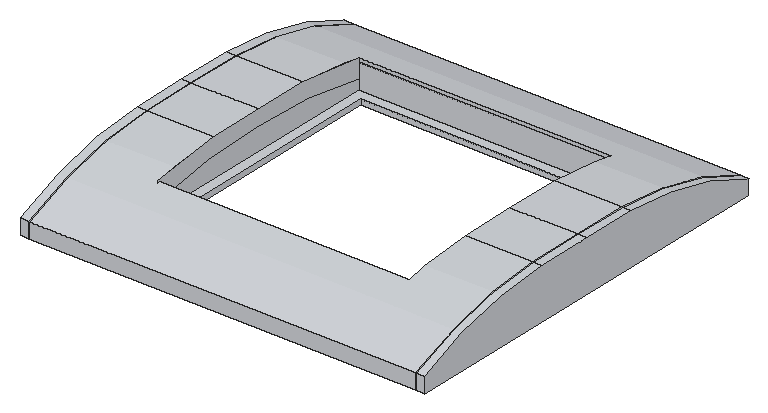
Revit family "Gira_021188", category Electrical Fixtures, host Face, Revit 2017
Family settings
  Host = Face
  Maintain Annotation Orientation = No
  Round Connector Dimension = Use Diameter
  Part Type = Normal
  Cut with Voids When Loaded = No
  Shared = No
  Room Calculation Point = No
Parameters (values of type "Cov.fr. 1-g interm.fr. AN Gira Event Opaque red")
  With mounting grid = "No"
  With hinged lid = "No"
  URL = "http://katalog.gira.de/en/datenblatt.html?artikelnr=021188"
  Type of fastening = "Clamp mounting"
  Transparent = "No"
  Surface protection = "Other"
  Suitable for wall duct = "No"
  Suitable for flush-mounted installation = "Yes"
  Suitable for floor box = "No"
  Suitable for built-in installation = "No"
  Number of units vertical = "1"
  Number of units horizontal = "1"
  Number of units = "1"
  Name = "Cov.fr. 1-g interm.fr. AN Gira Event Opaque red"
  Mounting direction = "Horizontal and vertical"
  Material quality = "Thermoplastic"
  Material = "Plastic"
  Manufacturer URL = "https://www.gira.de/"
  Manufacturer = "Gira"
  Label space/information surface = "No"
  Keynote = ""
  HeinzeBIM = "https://bimportal.heinze.de/bim/cov-fr-1-g-interm-fr-an-gira-event-opaque-red/d5de6089a73c0874b94f40b028d5c2ad98e993d4"
  Halogen free = "Yes"
  HAN = "021188"
  GTIN = "4010337211884"
  Description = "Cov.fr.1g i.fr.AN EvCl RD,Gira Event Opaque frames,red with anthracite intermediate frame,1-gang,Features:,- Shatter-proof."
  Degree of protection (IP) = "IP20"
  Default Elevation = 1219.2 mm
  Data sheet (1) = "https://katalog.gira.de/en/download.html?artikelnr=021188"
  Colour = "Red"
  Category = "Cover frame for domestic switching devices"
  BIM (1) = "https://media.stage.bim.site/public/gira/36a6b08/Event_Rahmen_1fach.rfa"
  Available = "No"
Reference planes
  plane 1 "Center (Front/Back)": y = 0
  plane 2: z = 0
  plane 3 "Center (Left/Right)": x = 0
Forms (mm)
  Extrusion 1, solid, detail levels fine
    sketch origin (0, 0, 1.55) x (0, 1, 0) y (0, 0, 1)
      loop
        arc (12.445, 9.683) -> (6.223, 9.833) -> (0, 9.85) r 291.636
        arc (0, 9.85) -> (-6.223, 9.833) -> (-12.445, 9.683) r 291.636
        arc (-12.445, 9.683) -> (-29.14, 7.482) -> (-45, 1.823) r 79.728
        line (-45, 1.823) -> (-45, -1.55) -> (-41.777, -1.55) -> (-41.777, -0.55)
        arc (-41.777, -0.55) -> (-21.205, 4.846) -> (0, 6.467) r 118.15
        arc (0, 6.467) -> (21.205, 4.846) -> (41.777, -0.55) r 118.15
        line (41.777, -0.55) -> (41.777, -1.55) -> (45, -1.55) -> (45, 1.823)
        arc (45, 1.823) -> (29.14, 7.482) -> (12.445, 9.683) r 79.728
    from -43 to 43
  Extrusion 2, void, detail levels fine
    sketch origin (0, 0, 0) x (1, 0, 0) y (0, 1, 0)
      loop
        line (-28, -28) -> (28, -28) -> (28, 28) -> (-28, 28) -> (-28, -28)
    from 2.85 to 12
  Extrusion 3, solid, detail levels coarse
    sketch origin (0, 0, 0) x (1, 0, 0) y (0, 1, 0)
      loop
        line (-45, 45) -> (-45, -45) -> (45, -45) -> (45, 45) -> (-45, 45)
    from 0 to 11.4
  Extrusion 4, solid, detail levels medium
    sketch origin (0, 0, 1.55) x (0, 1, 0) y (0, 0, 1)
      loop
        arc (12.445, 9.683) -> (6.223, 9.833) -> (0, 9.85) r 291.636
        arc (0, 9.85) -> (-6.223, 9.833) -> (-12.445, 9.683) r 291.636
        arc (-12.445, 9.683) -> (-29.14, 7.482) -> (-45, 1.823) r 79.728
        line (-45, 1.823) -> (-45, -1.55) -> (45, -1.55) -> (45, 1.823)
        arc (45, 1.823) -> (29.14, 7.482) -> (12.445, 9.683) r 79.728
    from -45 to 45
  Extrusion 5, solid, detail levels fine
    sketch origin (0, 0, 0) x (0, 1, 0) y (0, 0, 1)
      loop
        arc (45, 3.373) -> (29.14, 9.032) -> (12.445, 11.233) r 79.728
        arc (12.445, 11.233) -> (6.223, 11.383) -> (0, 11.4) r 291.636
        arc (0, 11.4) -> (-6.223, 11.383) -> (-12.445, 11.233) r 291.636
        arc (-12.445, 11.233) -> (-29.14, 9.032) -> (-45, 3.373) r 79.728
        line (-45, 3.373) -> (-45, 0) -> (45, 0) -> (45, 3.373)
    from 43 to 45
  Extrusion 6, solid, detail levels fine
    sketch origin (0, 0, 0) x (0, 1, 0) y (0, 0, -1)
      loop
        line (45, -3.373) -> (45, 0) -> (-45, 0) -> (-45, -3.373)
        arc (-45, -3.373) -> (-29.14, -9.032) -> (-12.445, -11.233) r 79.728
        arc (-12.445, -11.233) -> (-6.223, -11.383) -> (0, -11.4) r 291.636
        arc (0, -11.4) -> (6.223, -11.383) -> (12.445, -11.233) r 291.636
        arc (12.445, -11.233) -> (29.14, -9.032) -> (45, -3.373) r 79.728
    from 43 to 45
  Extrusion 7, solid, detail levels fine
    sketch origin (0, 0, 0) x (1, 0, 0) y (0, 1, 0)
      loop
        line (-25.7, 25.7) -> (-25.7, -25.7) -> (25.7, -25.7) -> (25.7, 25.7) -> (-25.7, 25.7)
      loop
        line (-29.495, 27.895) -> (-29.495, -27.895)
        spline (-29.495, -27.895) -> (-29.486, -28.025) -> (-29.461, -28.154) -> (-29.419, -28.278) -> (-29.361, -28.395) -> (-29.288, -28.504) -> (-29.202, -28.602) -> (-29.104, -28.688) -> (-28.995, -28.761) -> (-28.878, -28.819) -> (-28.754, -28.861) -> (-28.625, -28.886) -> (-28.495, -28.895)
        line (-28.495, -28.895) -> (28.495, -28.895)
        spline (28.495, -28.895) -> (28.625, -28.886) -> (28.754, -28.861) -> (28.878, -28.819) -> (28.995, -28.761) -> (29.104, -28.688) -> (29.202, -28.602) -> (29.288, -28.504) -> (29.361, -28.395) -> (29.419, -28.278) -> (29.461, -28.154) -> (29.486, -28.025) -> (29.495, -27.895)
        line (29.495, -27.895) -> (29.495, 27.895)
        spline (29.495, 27.895) -> (29.486, 28.025) -> (29.461, 28.154) -> (29.419, 28.278) -> (29.361, 28.395) -> (29.288, 28.504) -> (29.202, 28.602) -> (29.104, 28.688) -> (28.995, 28.761) -> (28.878, 28.819) -> (28.754, 28.861) -> (28.625, 28.886) -> (28.495, 28.895)
        line (28.495, 28.895) -> (-28.495, 28.895)
        spline (-28.495, 28.895) -> (-28.625, 28.886) -> (-28.754, 28.861) -> (-28.878, 28.819) -> (-28.995, 28.761) -> (-29.104, 28.688) -> (-29.202, 28.602) -> (-29.288, 28.504) -> (-29.361, 28.395) -> (-29.419, 28.278) -> (-29.461, 28.154) -> (-29.486, 28.025) -> (-29.495, 27.895)
    from 1.673 to 8.5
Cuts and joins
  Extrusion 2 cuts Extrusion 1
  Extrusion 2 cuts Extrusion 7
Dimensions and locks
  aligned and locked: plane 2 to host face
  aligned and locked: level to host face
